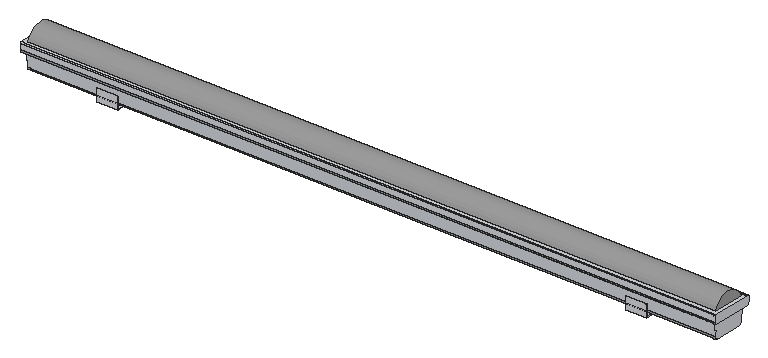
Revit family "0010271", category Lighting Fixtures, host Face, Revit 2017 (continued)
Types (60, lengths in mm): name | Weight | Wattage | TypeName | built-in parameter 1150134 | Photometric Web File | PowerFactor | PowerConsumption | NominalLength | Name | ModelReference | ModelNumber | Model | LuminousEfficacy | built-in parameter 1150105 | Lumens | LampNominalLuminous | LampMacAdamStep | LampColourTemperature | LENGHT_SYL | LENGHT_CHAMFER_SYL | LENGHT-_SYL | LENGHT-_CHAMFER_SYL | L0650_SYL | L1500_SYL | L1200_SYL | built-in parameter 1150107 | built-in parameter 1150106 | built-in parameter 1150104 | DocumentationLiterature | Description | BRACKET_WIDTH_SYL | BRACKET_DIST_SYL | Apparent Load
  0010215 RESISTO 1200 IP66 4800LM 840 QC | "1.61 kg" | 35 W | "Resisto  1200 IP66 4800lm 840 QC" | 12 | "0010215.ies" | 0.95 | "35 W" | 1212 | "Resisto  1200 IP66 4800lm 840 QC" | "Resisto  1200 IP66 4800lm 840 QC" | "0010215" | "Resisto  1200 IP66 4800lm 840 QC" | "137 lm/W" | 1583.6 (stored number, unit not read) | 4795 lm | "4800 lm" | "5" | "4000 K" | 592 | 600 | -592 | -600 | no | no | yes | 4000 (stored number, unit not read) | 15.836 (stored number, unit not read) | 12.728 (stored number, unit not read) | "http://www.sylvania-lighting.com/product/en-int/products/0010215" | "Resisto, integrated LED weatherproof luminaire, with UV stabilized flat diffuser designed to achieve uniform lit appearance, optimise light output and to reduce glare. 301 stainless steel diffuser clips and fixing brackets for surface mounting. Polycarbonate housing and diffuser - no yellow discolouration over time. 4800lm; 35W; 137lm/W; 4000K; SDCM<5; non dimmable; CRI80; IP66; IK08; Class I; 69,000hrs (L80B20) lifespan; 1200mm x 89mm x 88mm; D-mark; assembled with quick connector." | 400 | 444 | 35 VA
  0010214 RESISTO 1200 IP66 2800LM 840 QC | "1.57 kg" | 21 W | "Resisto  1200 IP66 2800lm 840 QC" | 12 | "0010214.ies" | 0.95 | "21 W" | 1212 | "Resisto  1200 IP66 2800lm 840 QC" | "Resisto  1200 IP66 2800lm 840 QC" | "0010214" | "Resisto  1200 IP66 2800lm 840 QC" | "133 lm/W" | 917.95 (stored number, unit not read) | 2793 lm | "2800 lm" | "5" | "4000 K" | 592 | 600 | -592 | -600 | no | no | yes | 4000 (stored number, unit not read) | 9.1795 (stored number, unit not read) | 12.356 (stored number, unit not read) | "http://www.sylvania-lighting.com/product/en-int/products/0010214" | "Resisto, integrated LED weatherproof luminaire, with UV stabilized flat diffuser designed to achieve uniform lit appearance, optimise light output and to reduce glare. 301 stainless steel diffuser clips and fixing brackets for surface mounting. Polycarbonate housing and diffuser - no yellow discolouration over time. 2800lm; 21W; 133lm/W; 4000K; SDCM<5; non dimmable; CRI80; IP66; IK08; Class I; 69,000hrs (L80B20) lifespan; 1200mm x 89mm x 88mm; D-mark; assembled with quick connector." | 400 | 444 | 21 VA
  0010213 RESISTO 1200 IP66 4800LM 865 | "1.54 kg" | 35 W | "Resisto  1200 IP66 4800lm 865" | 1 | "0010213.ies" | 0.95 | "35 W" | 1200 | "Resisto  1200 IP66 4800lm 865" | "Resisto  1200 IP66 4800lm 865" | "0010213" | "Resisto  1200 IP66 4800lm 865" | "137 lm/W" | 1583.6 (stored number, unit not read) | 4795 lm | "4800 lm" | "5" | "6500 K" | 592 | 600 | -592 | -600 | no | no | yes | 6500 (stored number, unit not read) | 15.836 (stored number, unit not read) | 12.728 (stored number, unit not read) | "http://www.sylvania-lighting.com/product/en-int/products/0010213" | "Resisto, integrated LED weatherproof luminaire, with UV stabilized flat diffuser designed to achieve uniform lit appearance, optimise light output and to reduce glare. 301 stainless steel diffuser clips and fixing brackets for surface mounting. Polycarbonate housing and diffuser - no yellow discolouration over time. 4800lm; 35W; 137lm/W; 6500K; SDCM<5; non dimmable; CRI80; IP66; IK08; Class I; 69,000hrs (L80B20) lifespan; 1200mm x 89mm x 88mm; D-mark." | 400 | 444 | 35 VA
  0010212 RESISTO 1200 IP66 2800LM 865 | "1.5 kg" | 21 W | "Resisto  1200 IP66 2800lm 865" | 1 | "0010212.ies" | 0.95 | "21 W" | 1200 | "Resisto  1200 IP66 2800lm 865" | "Resisto  1200 IP66 2800lm 865" | "0010212" | "Resisto  1200 IP66 2800lm 865" | "133 lm/W" | 917.95 (stored number, unit not read) | 2793 lm | "2800 lm" | "5" | "6500 K" | 592 | 600 | -592 | -600 | no | no | yes | 6500 (stored number, unit not read) | 9.1795 (stored number, unit not read) | 12.356 (stored number, unit not read) | "http://www.sylvania-lighting.com/product/en-int/products/0010212" | "Resisto, integrated LED weatherproof luminaire, with UV stabilized flat diffuser designed to achieve uniform lit appearance, optimise light output and to reduce glare. 301 stainless steel diffuser clips and fixing brackets for surface mounting. Polycarbonate housing and diffuser - no yellow discolouration over time. 2800lm; 21W; 133lm/W; 6500K; SDCM<5; non dimmable; CRI80; IP66; IK08; Class I; 69,000hrs (L80B20) lifespan; 1200mm x 89mm x 88mm; D-mark." | 400 | 444 | 21 VA
  0010211 RESISTO 1200 IP66 4800LM 840 | "11.88 kg" | 35 W | "Resisto  1200 IP66 4800lm 840" | 12 | "0010211.ies" | 0.95 | "35.0 W" | 1200 | "Resisto  1200 IP66 4800lm 840" | "Resisto  1200 IP66 4800lm 840" | "0010211" | "Resisto  1200 IP66 4800lm 840" | "137 lm/W" | -7601417.6 (stored number, unit not read) | 4795 lm | "4800 lm" | "5" | "4000 K" | 592 | 600 | -592 | -600 | no | no | yes | 4000 (stored number, unit not read) | -76014.2 (stored number, unit not read) | 12.728 (stored number, unit not read) | "http://www.sylvania-lighting.com/product/en-int/products/0010211" | "Resisto, integrated LED weatherproof luminaire, with UV stabilized flat diffuser designed to achieve uniform lit appearance, optimise light output and to reduce glare. 301 stainless steel diffuser clips and fixing brackets for surface mounting. Polycarbonate housing and diffuser - no yellow discolouration over time. 4800lm; 35W; 137lm/W; 4000K; SDCM<5; non dimmable; CRI80; IP66; IK08; Class I; 69,000hrs (L80B20) lifespan; 1200mm x 89mm x 88mm; D-mark." | 400 | 444 | 35 VA
  0010210 RESISTO 1200 IP66 2800LM 840 | "11.88 kg" | 21 W | "Resisto  1200 IP66 2800lm 840" | 12 | "0010210.ies" | 0.95 | "21.0 W" | 1200 | "Resisto  1200 IP66 2800lm 840" | "Resisto  1200 IP66 2800lm 840" | "0010210" | "Resisto  1200 IP66 2800lm 840" | "133 lm/W" | -2570258.2 (stored number, unit not read) | 2793 lm | "2800 lm" | "5" | "4000 K" | 592 | 600 | -592 | -600 | no | no | yes | 4000 (stored number, unit not read) | -25702.6 (stored number, unit not read) | 12.356 (stored number, unit not read) | "http://www.sylvania-lighting.com/product/en-int/products/0010210" | "Resisto, integrated LED weatherproof luminaire, with UV stabilized flat diffuser designed to achieve uniform lit appearance, optimise light output and to reduce glare. 301 stainless steel diffuser clips and fixing brackets for surface mounting. Polycarbonate housing and diffuser - no yellow discolouration over time. 2800lm; 21W; 133lm/W; 4000K; SDCM<5; non dimmable; CRI80; IP66; IK08; Class I; 69,000hrs (L80B20) lifespan; 1200mm x 89mm x 88mm; D-mark." | 400 | 444 | 21 VA
  0010209 RESISTO 1200 IP66 4800LM 830 | "1.54 kg" | 35 W | "Resisto  1200 IP66 4800lm 830" | (empty or 0) | "0010209.ies" | 0.95 | "35 W" | 1200 | "Resisto  1200 IP66 4800lm 830" | "Resisto  1200 IP66 4800lm 830" | "0010209" | "Resisto  1200 IP66 4800lm 830" | "137 lm/W" | 1583.6 (stored number, unit not read) | 4795 lm | "4800 lm" | "5" | "3000 K" | 592 | 600 | -592 | -600 | no | no | yes | 3000 (stored number, unit not read) | 15.836 (stored number, unit not read) | 12.728 (stored number, unit not read) | "http://www.sylvania-lighting.com/product/en-int/products/0010209" | "Resisto, integrated LED weatherproof luminaire, with UV stabilized flat diffuser designed to achieve uniform lit appearance, optimise light output and to reduce glare. 301 stainless steel diffuser clips and fixing brackets for surface mounting. Polycarbonate housing and diffuser - no yellow discolouration over time. 4800lm; 35W; 137lm/W; 3000K; SDCM<5; non dimmable; CRI80; IP66; IK08; Class I; 69,000hrs (L80B20) lifespan; 1200mm x 89mm x 88mm; D-mark." | 400 | 444 | 35 VA
  0010208 RESISTO 1200 IP66 2800LM 830 | "1.5 kg" | 21 W | "Resisto  1200 IP66 2800lm 830" | (empty or 0) | "0010208.ies" | 0.95 | "21 W" | 1200 | "Resisto  1200 IP66 2800lm 830" | "Resisto  1200 IP66 2800lm 830" | "0010208" | "Resisto  1200 IP66 2800lm 830" | "133 lm/W" | 917.95 (stored number, unit not read) | 2793 lm | "2800 lm" | "5" | "3000 K" | 592 | 600 | -592 | -600 | no | no | yes | 3000 (stored number, unit not read) | 9.1795 (stored number, unit not read) | 12.356 (stored number, unit not read) | "http://www.sylvania-lighting.com/product/en-int/products/0010208" | "Resisto, integrated LED weatherproof luminaire, with UV stabilized flat diffuser designed to achieve uniform lit appearance, optimise light output and to reduce glare. 301 stainless steel diffuser clips and fixing brackets for surface mounting. Polycarbonate housing and diffuser - no yellow discolouration over time. 2800lm; 21W; 133lm/W; 3000K; SDCM<5; non dimmable; CRI80; IP66; IK08; Class I; 69,000hrs (L80B20) lifespan; 1200mm x 89mm x 88mm; D-mark." | 400 | 444 | 21 VA
  0010207 RESISTO 600 HE IP66 2500LM 840 | "0.96 kg" | 16 W | "Resisto  600 HE IP66 2500lm 840" | 12 | "0010207.ies" | 0.95 | "16 W" | 650 | "Resisto  600 HE IP66 2500lm 840" | "Resisto  600 HE IP66 2500lm 840" | "0010207" | "Resisto  600 HE IP66 2500lm 840" | "156 lm/W" | 829.02 (stored number, unit not read) | 2496 lm | "2500 lm" | "3" | "4000 K" | 317 | 325 | -317 | -325 | yes | no | no | 4000 (stored number, unit not read) | 8.2902 (stored number, unit not read) | 14.493 (stored number, unit not read) | "http://www.sylvania-lighting.com/product/en-int/products/0010207" | "Resisto, integrated LED weatherproof luminaire, with UV stabilized flat diffuser designed to achieve uniform lit appearance, optimise light output and to reduce glare. 301 stainless steel diffuser clips and fixing brackets for surface mounting. Polycarbonate housing and diffuser - no yellow discolouration over time. 2500lm; 16W; 156lm/W; 4000K; SDCM<3; non dimmable; CRI80; IP66; IK08; Class I; 69,000hrs (L80B20) lifespan; 650mm x 89mm x 88mm; D-mark." | 125 | 169 | 16 VA
  0010206 RESISTO 600 HE IP66 1400LM 840 | "0.88 kg" | 10 W | "Resisto  600 HE IP66 1400lm 840" | 12 | "0010206.ies" | 0.9 | "10 W" | 650 | "Resisto  600 HE IP66 1400lm 840" | "Resisto  600 HE IP66 1400lm 840" | "0010206" | "Resisto  600 HE IP66 1400lm 840" | "140 lm/W" | 479.25 (stored number, unit not read) | 1400 lm | "1400 lm" | "3" | "4000 K" | 317 | 325 | -317 | -325 | yes | no | no | 4000 (stored number, unit not read) | 4.7925 (stored number, unit not read) | 13.006 (stored number, unit not read) | "http://www.sylvania-lighting.com/product/en-int/products/0010206" | "Resisto, integrated LED weatherproof luminaire, with UV stabilized flat diffuser designed to achieve uniform lit appearance, optimise light output and to reduce glare. 301 stainless steel diffuser clips and fixing brackets for surface mounting. Polycarbonate housing and diffuser - no yellow discolouration over time. 1400lm; 10W; 140lm/W; 4000K; SDCM<3; non dimmable; CRI80; IP66; IK08; Class I; 69,000hrs (L80B20) lifespan; 650mm x 89mm x 88mm; D-mark." | 125 | 169 | 10 VA
  0010205 RESISTO 600 IP66 2500LM 865 | "0.88 kg" | 19 W | "Resisto  600 IP66 2500lm 865" | 1 | "0010205.ies" | 1 | "19 W" | 650 | "Resisto  600 IP66 2500lm 865" | "Resisto  600 IP66 2500lm 865" | "0010205" | "Resisto  600 IP66 2500lm 865" | "132 lm/W" | 833.01 (stored number, unit not read) | 2508 lm | "2500 lm" | "5" | "6500 K" | 317 | 325 | -317 | -325 | yes | no | no | 6500 (stored number, unit not read) | 8.3301 (stored number, unit not read) | 12.263 (stored number, unit not read) | "http://www.sylvania-lighting.com/product/en-int/products/0010205" | "Resisto, integrated LED weatherproof luminaire, with UV stabilized flat diffuser designed to achieve uniform lit appearance, optimise light output and to reduce glare. 301 stainless steel diffuser clips and fixing brackets for surface mounting. Polycarbonate housing and diffuser - no yellow discolouration over time. 2500lm; 19W; 132lm/W; 6500K; SDCM<5; non dimmable; CRI80; IP66; IK08; Class I; 69,000hrs (L80B20) lifespan; 650mm x 89mm x 88mm; D-mark." | 125 | 169 | 19 VA
  0010204 RESISTO 600 IP66 1600LM 865 | "0.88 kg" | 12 W | "Resisto  600 IP66 1600lm 865" | 1 | "0010204.ies" | 0.9 | "12 W" | 650 | "Resisto  600 IP66 1600lm 865" | "Resisto  600 IP66 1600lm 865" | "0010204" | "Resisto  600 IP66 1600lm 865" | "133 lm/W" | 546.34 (stored number, unit not read) | 1596 lm | "1600 lm" | "5" | "6500 K" | 317 | 325 | -317 | -325 | yes | no | no | 6500 (stored number, unit not read) | 5.4634 (stored number, unit not read) | 12.356 (stored number, unit not read) | "http://www.sylvania-lighting.com/product/en-int/products/0010204" | "Resisto, integrated LED weatherproof luminaire, with UV stabilized flat diffuser designed to achieve uniform lit appearance, optimise light output and to reduce glare. 301 stainless steel diffuser clips and fixing brackets for surface mounting. Polycarbonate housing and diffuser - no yellow discolouration over time. 1600lm; 12W; 133lm/W; 6500K; SDCM<5; non dimmable; CRI80; IP66; IK08; Class I; 69,000hrs (L80B20) lifespan; 650mm x 89mm x 88mm; D-mark." | 125 | 169 | 12 VA
  0010203 RESISTO 600 IP66 2500LM 840 | "10.2 kg" | 19 W | "Resisto  600 IP66 2500lm 840" | 12 | "0010203.ies" | 0.95 | "19.0 W" | 650 | "Resisto  600 IP66 2500lm 840" | "Resisto  600 IP66 2500lm 840" | "0010203" | "Resisto  600 IP66 2500lm 840" | "132 lm/W" | -2082492.7 (stored number, unit not read) | 2508 lm | "2500 lm" | "5" | "4000 K" | 317 | 325 | -317 | -325 | yes | no | no | 4000 (stored number, unit not read) | -20824.9 (stored number, unit not read) | 12.263 (stored number, unit not read) | "http://www.sylvania-lighting.com/product/en-int/products/0010203" | "Resisto, integrated LED weatherproof luminaire, with UV stabilized flat diffuser designed to achieve uniform lit appearance, optimise light output and to reduce glare. 301 stainless steel diffuser clips and fixing brackets for surface mounting. Polycarbonate housing and diffuser - no yellow discolouration over time. 2500lm; 19W; 132lm/W; 4000K; SDCM<5; non dimmable; CRI80; IP66; IK08; Class I; 69,000hrs (L80B20) lifespan; 650mm x 89mm x 88mm; D-mark." | 125 | 169 | 19 VA
  0010202 RESISTO 600 IP66 1600LM 840 | "10.2 kg" | 12 W | "Resisto  600 IP66 1600lm 840" | 12 | "0010202.ies" | 0.9 | "12.0 W" | 650 | "Resisto  600 IP66 1600lm 840" | "Resisto  600 IP66 1600lm 840" | "0010202" | "Resisto  600 IP66 1600lm 840" | "133 lm/W" | -874129.2 (stored number, unit not read) | 1596 lm | "1600 lm" | "5" | "4000 K" | 317 | 325 | -317 | -325 | yes | no | no | 4000 (stored number, unit not read) | -8741.3 (stored number, unit not read) | 12.356 (stored number, unit not read) | "http://www.sylvania-lighting.com/product/en-int/products/0010202" | "Resisto, integrated LED weatherproof luminaire, with UV stabilized flat diffuser designed to achieve uniform lit appearance, optimise light output and to reduce glare. 301 stainless steel diffuser clips and fixing brackets for surface mounting. Polycarbonate housing and diffuser - no yellow discolouration over time. 1600lm; 12W; 133lm/W; 4000K; SDCM<5; non dimmable; CRI80; IP66; IK08; Class I; 69,000hrs (L80B20) lifespan; 650mm x 89mm x 88mm; D-mark." | 125 | 169 | 12 VA
  0010279 RESISTO 1500 HE IP66 DALI 8300LM 840 | "2.01 kg" | 54 W | "Resisto 1500 HE IP66 DALI 8300lm 840" | 12 | "0010279.ies" | 0.99 | "54 W" | 1500 | "Resisto 1500 HE IP66 DALI 8300lm 840" | "Resisto 1500 HE IP66 DALI 8300lm 840" | "0010279" | "Resisto 1500 HE IP66 DALI 8300lm 840" | "154 lm/W" | 2773 (stored number, unit not read) | 8316 lm | "8300 lm" | "3" | "4000 K" | 742 | 750 | -742 | -750 | no | yes | no | 4000 (stored number, unit not read) | 27.73 (stored number, unit not read) | 14.307 (stored number, unit not read) | "http://www.sylvania-lighting.com/product/en-int/products/0010279" | "Resisto, integrated LED weatherproof luminaire, with UV stabilized flat diffuser designed to achieve uniform lit appearance, optimise light output and to reduce glare. 301 stainless steel diffuser clips and fixing brackets for surface mounting. Polycarbonate housing and diffuser - no yellow discolouration over time. 8300lm; 54W; 154lm/W; 4000K; SDCM<3; DALI dimmable; CRI80; IP66; IK08; Class I; 69,000hrs (L80B20) lifespan; 1500mm x 89mm x 88mm; D-mark." | 550 | 594 | 54 VA
